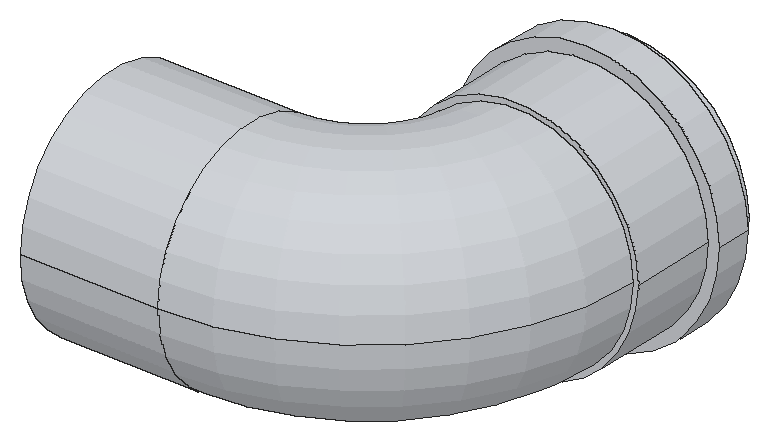
Revit family "Cotovelo com Anel - PVC - SW", category Conexões de tubo, Revit 2019
Family settings
  Cota do conector redondo = Usar raio
  Tipo de parte = Cotovelo
  ID de item do Seek = Elbow - Generic-0000-CAN-ENU
  Com base no plano de trabalho = Não
  Sempre na vertical = Sim
  Corte com vazios quando carregada = Não
  Compartilhado = Não
Parameters (values of type "Padrão")
  Tamanho da marca de revisão [instance] = Diâmetro externo da conexão * 0.4  # 17.6 mm
  Espessura do anel elevado [instance] = Profundidade do soquete * 0.12  # 3.12 mm
  Raio nominal [instance] = 20 mm
  Diâmetro nominal [instance] = Raio nominal * 2  # 40 mm
  Método de perda = Não definido
  Nome da tabela de pesquisa = "BR_Elbow With Ring - PVC - SW"
  K Coefficient Table = (empty or 0)
  Raio externo da conexão [instance] = Diâmetro externo da conexão / 2  # 22 mm
  Diâmetro externo da conexão [instance] = size_lookup(Nome da tabela de pesquisa, "FOD", 1.0362 * Diâmetro nominal + 2.30 mm, Diâmetro nominal)  # 44 mm
  Description = ""
  Centro para o soquete [instance] = Raio do centro * tan(Ângulo / 2)  # 28 mm
  Raio do centro [instance] = size_lookup(Nome da tabela de pesquisa, "CRad", 0.6842 * Diâmetro nominal + 1.00 mm, Diâmetro nominal)  # 28 mm
  Espessura do anel [instance] = Profundidade do soquete * 0.25  # 6.5 mm
  Profundidade do soquete [instance] = size_lookup(Nome da tabela de pesquisa, "SDpt", 0.6619 * Diâmetro nominal - 1.80 mm, Diâmetro nominal)  # 26 mm
  Raio externo do anel [instance] = Raio externo do soquete * 1.1  # 25.41 mm
  Raio externo do soquete [instance] = Raio externo da conexão * 1.05  # 23.1 mm
  Ângulo [instance] = 90.00°
Reference planes
  plane 1 "Centro (Frente/Trás)": y = 0
  plane 2: z = 0
  plane 3 "Centro (Esquerda/Direita)": x = 0
  plane 4: x = -28
  plane 5: y = 28
  plane 6: y = 17.6
  plane 7: y = -17.6
Forms (mm)
  Sweep 1, solid, detail levels fine
    path in 3D
      loop
        line (-54, 0, 0) -> (-28, 0, 0)
        arc (-28, 0, 0) -> (-8.201, 8.201, 0) -> (0, 28, 0) r 28
    profile origin (-8.201, 8.201, 0) x (-0.707107, 0.707107, 0) y (0, 0, 1)
      loop
        circle (0, 0) r 22
  Sweep 2, solid, detail levels fine
    path in 3D
      loop
        line (0, 28, 0) -> (0, 54, 0)
    profile origin (0, 41, 0) x (-1, 0, 0) y (0, 0, 1)
      loop
        circle (0, 0) r 23.1
  Sweep 3, solid, detail levels fine
    path origin (0, 0, 0) x (1, 0, 0) y (0, 1, 0)
      loop
        line (0, 50.88) -> (0, 44.38)
    profile origin (0, 47.63, 0) x (1, 0, 0) y (0, 0, 1)
      loop
        circle (0, 0) r 25.41
Cuts and joins
  joined: Sweep 1, Sweep 2, Sweep 3
Lines and regions (mm)
  reference lines
    curve 1: line (-28, 28, 0) -> (16.45, 28, 0)
    curve 2: arc (-28, 0, 0) -> (-8.201, 8.201, 0) -> (0, 28, 0) r 28
    curve 3: line (0, 0, 0) -> (0, 19.05, 0)
    curve 4: line (-17.6, 28, 0) -> (-17.6, -12.222, 0)
    curve 5: line (17.6, 0, 0) -> (17.6, 28, 0)
    curve 8: line (-28, 0, 0) -> (-54, 0, 0)
    curve 9: line (0, 28, 0) -> (0, 54, 0)
    curve 11: line (0, 54, 0) -> (0, 47.5, 0)
  model lines, detail levels coarse+medium
    curve 6: arc (-28, 0, 0) -> (-8.201, 8.201, 0) -> (0, 28, 0) r 28
    curve 12: line (-54, -17.6, 0) -> (-54, 17.6, 0)
    curve 13: line (-28, 0, 0) -> (-54, 0, 0)
    curve 14: line (-17.6, 54, 0) -> (17.6, 54, 0)
    curve 15: line (0, 28, 0) -> (0, 54, 0)
  sketch lines
    curve 7: arc (-28, 0, 0) -> (-8.201, 8.201, 0) -> (0, 28, 0) r 28
    curve 10: line (0, 28, 0) -> (0, 54, 0)
    curve 16: line (-28, 0, 0) -> (-54, 0, 0)
Dimensions and locks
  "Centro para o soquete": plane 4 to plane 3 "Centro (Esquerda/Direita)"
  "Raio do centro": plane 5 to plane 1 "Centro (Frente/Trás)"
  "Tamanho da marca de revisão": plane 6 to plane 1 "Centro (Frente/Trás)"
  "Tamanho da marca de revisão": plane 7 to plane 1 "Centro (Frente/Trás)"
  "Tamanho da marca de revisão": curve 3 to curve 4
  "Tamanho da marca de revisão": curve 5 to curve 3
  "Profundidade do soquete": curve 9 to curve 9
  "Profundidade do soquete": curve 8 to curve 8
  "Espessura do anel": curve 11 to curve 11
  "Espessura do anel elevado": Sweep 3 sketch curve to curve 14
  "Espessura do anel": Sweep 3 sketch curve to Sweep 3 sketch curve
  "Raio do centro": radius of curve 2
  "Raio externo da conexão": radius of Sweep 1 sketch curve
  "Raio externo do soquete": radius of Sweep 2 sketch curve
  "Raio externo do anel": radius of Sweep 3 sketch curve
  "Ângulo": angle plane 4 to curve 1
  "Ângulo": angle curve 2 to curve 2
  "Ângulo": angle plane 1 "Centro (Frente/Trás)" to curve 3
  "Ângulo": angle curve 6 to curve 6
  angle curve 9 to curve 1 = 90.00°
  angle curve 11 to curve 1 = 90.00°
  angle curve 14 to curve 5 = 90.00°
  angle curve 15 to curve 1 = 90.00°
  "Ângulo": angle plane 1 "Centro (Frente/Trás)" to Sweep 3 sketch curve
  aligned and locked: plane 4 to curve 1
  aligned and locked: plane 5 to curve 1
  aligned and locked: plane 5 to curve 2
  aligned and locked: plane 4 to curve 2  (x2)
  aligned and locked: plane 1 "Centro (Frente/Trás)" to curve 3
  aligned and locked: plane 3 "Centro (Esquerda/Direita)" to curve 3
  aligned and locked: curve 6 to curve 2
  aligned and locked: plane 6 to curve 12
  aligned and locked: plane 7 to curve 12
  aligned and locked: curve 5 to curve 14
  aligned and locked: curve 14 to curve 4
  aligned and locked: curve 14 to curve 11
  aligned and locked: curve 11 to Sweep 3 sketch curve
  aligned and locked: curve 12 to curve 8
Automatic sketch dimensions
  Sweep 1 sketch curve to profile plane = 0.00 mm
  profile plane to Sweep 1 sketch curve = 0.00 mm
  curve 1 to curve 5 = 0.00 mm
  curve 1 to curve 4 = 0.00 mm
  curve 3 to curve 5 = 0.00 mm
  curve 4 to curve 1 = 40.222 mm
  Sweep 2 sketch curve to profile plane = 0.00 mm  (x2)
  Sweep 3 sketch curve to level = 0.00 mm
  profile plane to Sweep 3 sketch curve = 0.00 mm
Connectors
  piping at (-54, 0, 0), diameter 40, driven by "Raio nominal", driven by "Ângulo"
    settings: on cut or joined group of Sweep 1, Sweep 2, Sweep 3, index 1, connector inside diameter 40 mm, connector length 0.00 mm, flow factor 0, pipe flow 0.0 L/s, pressure drop 0.0 Pa, fitting loss kfactor 0, connector angle 90.00°, fixture units 0, engagement length 0.00 mm, angle of deflection 0.00°, flow configuration 0, flow direction 0, fitting loss method 0, system type 28, joint type 0, gender type 0, connector reference index 2, connector utility 0, adjustable connector no, is connector primary yes, connector description ""
  piping at (0, 54, 0), diameter 40, driven by "Raio nominal", driven by "Ângulo"
    settings: on cut or joined group of Sweep 1, Sweep 2, Sweep 3, index 2, connector inside diameter 40 mm, connector length 0.00 mm, flow factor 0, pipe flow 0.0 L/s, pressure drop 0.0 Pa, fitting loss kfactor 0, connector angle 90.00°, fixture units 0, engagement length 0.00 mm, angle of deflection 0.00°, flow configuration 0, flow direction 0, fitting loss method 0, system type 28, joint type 0, gender type 0, connector reference index 1, connector utility 0, adjustable connector no, is connector primary no, connector description ""
